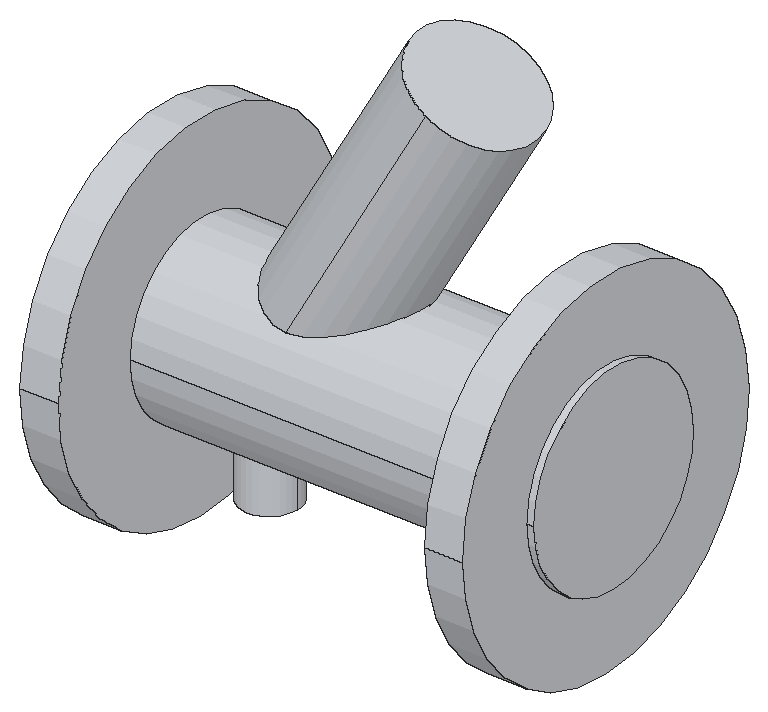
Revit family "HS 821-síto_standard-PN40-DN032-RFA_2018", category Pipe Accessories, Revit 2018
Family settings
  Round Connector Dimension = Use Diameter
  Part Type = Breaks Into
  Work Plane-Based = No
  Always vertical = Yes
  Cut with Voids When Loaded = No
  Shared = No
Parameters (values of type "821F-DN032-PN40-síto_standard")
  magiProductId = "165e7f39cf744f329bdf1c400dad12"
  magiProductFamilyId = "79214ac3aaa945e397802f559f5c1e"
  magiPartTypeId = 307
  isMeasuringValve [instance] = no
  ang2D [instance] = 0.00°
  ZB__ve = -ZB  # -23 mm
  ZB1 = 31.59 mm
  ZB = 23 mm
  X2 = 68.849 mm
  X1 = 25.2 mm
  W2D = 15 mm
  VersionID = "2.0/2017.9.26.1/ZETKAMA_821_001"
  Use Minimum Symbol Size [instance] = yes
  URL = "www.hydronic.cz"
  Type Comments = "Filtr přírubový; síto standardní; A-PN16 (-10~300°C); D-PN25 (-10~350°C); F-PN40 (-10~400°C)"
  S = 78 mm
  QmdConnectorList = "301;D;302;D"
  Productdata [instance] = ""
  Manufacturer = "Hydronic Systems Prague s.r.o."
  MC Product Code = "240 632 (821F; DN032; PN40; kvs23,7; oko síta 1,00mm)"
  LM1 = 14.4 mm
  LM = 144 mm
  L4 = 45 mm
  L2D_Min = 3048 mm
  L2D = 130 mm
  L2 = 90 mm
  HH2 = 119.25 mm
  FD = 140 mm
  Description = "Filtr přírubový; síto standardní; 821A-PN16; 821D-PN25; 821F-PN40"
  DM1 = 50.4 mm
  DM = 70.2 mm
  D = 32 mm
  CC = 3.06 mm
  CAT0 = yes
  C1 = 14.94 mm
  C = 18 mm
  BD = 22.113 mm
Types (40, lengths in mm): name | magiProductId | ZB__ve | ZB1 | ZB | X2 | X1 | S | MC Product Code | LM1 | LM | L4 | L2 | HH2 | FD | DM1 | DM | D | CC | C1 | C | BD
  821A-DN015-PN16-síto_standard | "a71bcfe8b393460598b23e8ddf7dc5" | -16.25 | 18.63 | 16.25 | 46.982 | 18.2 | 46 | "200 115 (821A; DN015; PN16; kvs6,3; oko síta 1,00mm)" | 10.4 | 104 | 32.5 | 65 | 81.375 | 95 | 27.6 | 41.4 | 15 | 2.21 | 10.79 | 13 | 13.041
  821A-DN020-PN16-síto_standard | "41cd6c7a12924f4991217528336076" | -17.75 | 22.68 | 17.75 | 51.673 | 21 | 56 | "200 120 (821A; DN020; PN16; kvs11,2; oko síta 1,00mm)" | 12 | 120 | 37.5 | 75 | 89.5 | 105 | 33.6 | 50.4 | 20 | 2.55 | 12.45 | 15 | 15.876
  821A-DN025-PN16-síto_standard | "be378b463ed14c3abf4c9b3ae8cf3a" | -19.25 | 26.325 | 19.25 | 58.601 | 22.4 | 65 | "200 125 (821A; DN025; PN16; kvs14,7; oko síta 1,00mm)" | 12.8 | 128 | 40 | 80 | 101.5 | 115 | 43.2 | 58.5 | 25 | 2.72 | 13.28 | 16 | 18.427
  821A-DN032-PN16-síto_standard | "227a0d18b21540afabe8b6067d35fa" | -23 | 30.78 | 23 | 68.849 | 25.2 | 76 | "200 132 (821A; DN032; PN16; kvs23,7; oko síta 1,00mm)" | 14.4 | 144 | 45 | 90 | 119.25 | 140 | 50.4 | 68.4 | 32 | 3.06 | 14.94 | 18 | 21.546
  821A-DN040-PN16-síto_standard | "d106917c74724141a10440112d0102" | -24.5 | 34.02 | 24.5 | 75.777 | 28 | 84 | "200 140 (821A; DN040; PN16; kvs37,7; oko síta 1,00mm)" | 16 | 160 | 50 | 100 | 131.25 | 150 | 60 | 75.6 | 40 | 3.4 | 16.6 | 20 | 23.814
  821A-DN050-PN16-síto_standard | "8255d456a09e4f6486734f5dd9171b" | -26.75 | 40.095 | 26.75 | 79.061 | 32.2 | 99 | "200 150 (821A; DN050 PN16; kvs57,9; oko síta 1,00mm)" | 18.4 | 184 | 57.5 | 115 | 136.938 | 165 | 73.8 | 89.1 | 50 | 3.91 | 19.09 | 23 | 28.066
  821A-DN065-PN16-síto_standard | "235b1b3e4c0843779a4d5e3716d40a" | -29.75 | 47.79 | 29.75 | 86.927 | 40.6 | 118 | "200 165 (821A; DN065; PN16; kvs101,5; oko síta 1,25mm)" | 23.2 | 232 | 72.5 | 145 | 150.562 | 185 | 94.2 | 106.2 | 65 | 4.93 | 24.07 | 29 | 33.453
  821A-DN080-PN16-síto_standard | "a067f7c5236348ed8c820d16df7214" | -32 | 53.46 | 32 | 104.753 | 43.4 | 132 | "200 180 (821A; DN080; PN16; kvs147,4; oko síta 1,25mm)" | 24.8 | 248 | 77.5 | 155 | 181.438 | 200 | 107.4 | 118.8 | 80 | 5.27 | 25.73 | 31 | 37.422
  821A-DN100-PN16-síto_standard | "c49a648c2747461285837d643703cd" | -35 | 63.18 | 35 | 114.857 | 49 | 156 | "200 190 (821A; DN100; PN16; kvs209,6; oko síta 1,60mm)" | 28 | 280 | 87.5 | 175 | 198.937 | 220 | 131.4 | 140.4 | 100 | 5.95 | 29.05 | 35 | 44.226
  821A-DN125-PN16-síto_standard | "bf68e728a163493cbd2a663b26ebdc" | -39.5 | 74.52 | 39.5 | 131.888 | 56 | 184 | "200 191 (821A; DN125; PN16; kvs326,2; oko síta 1,60mm)" | 32 | 320 | 100 | 200 | 228.438 | 250 | 165 | 165.6 | 125 | 6.8 | 33.2 | 40 | 52.164
  821A-DN150-PN16-síto_standard | "2de770284b654863ae6bc865769dc5" | -44.75 | 85.455 | 44.75 | 155.885 | 67.2 | 211 | "200 192 (821A; DN150; PN16; kvs403; oko síta 1,60mm)" | 38.4 | 384 | 120 | 240 | 270 | 285 | 192 | 189.9 | 150 | 8.16 | 39.84 | 48 | 59.818
  821A-DN200-PN16-síto_standard | "8e5693371ab64aabb29a7f08c76e15" | -53 | 107.73 | 53 | 188.361 | 84 | 266 | "200 193 (821A; DN200; PN16; kvs707; oko síta 1,60mm)" | 48 | 480 | 150 | 300 | 326.25 | 340 | 252 | 239.4 | 200 | 10.2 | 49.8 | 60 | 75.411
  821A-DN250-PN16-síto_standard | "05e37ed948c34047acdd4c42556504" | -62.75 | 129.195 | 62.75 | 255.911 | 102.2 | 319 | "200 194 (821A; DN250; PN16; kvs1234; oko síta 1,60mm)" | 58.4 | 584 | 182.5 | 365 | 443.25 | 405 | 309.6 | 287.1 | 250 | 12.41 | 60.59 | 73 | 90.436
  821A-DN300-PN16-síto_standard | "9ad0af747269428da925480d83ce80" | -71 | 149.85 | 71 | 325.914 | 119 | 370 | "200 195 (821A; DN300; PN16; kvs1916; oko síta 1,60mm)" | 68 | 680 | 212.5 | 425 | 564.5 | 460 | 369.6 | 333 | 300 | 14.45 | 70.55 | 85 | 104.895
  821A-DN350-PN16-síto_standard | "eebc71459bb3451bb4355e7951370a" | -80 | 173.745 | 80 | 356.875 | 137.2 | 429 | "200 196 (821A; DN350; PN16; kvs2621; oko síta 1,60mm)" | 78.4 | 784 | 245 | 490 | 618.125 | 520 | 438 | 386.1 | 350 | 16.66 | 81.34 | 98 | 121.621
  821A-DN400-PN16-síto_standard | "d2f677cb196647e385b2590e7d8abe" | -89 | 194.4 | 89 | 392.237 | 154 | 480 | "200 197 (821A; DN400; PN16; kvs3460; oko síta 1,60mm)" | 88 | 880 | 275 | 550 | 679.375 | 580 | 498 | 432 | 400 | 18.7 | 91.3 | 110 | 136.08
  821D-DN015-PN25-síto_standard | "27ddcbf555414f8ca1fde329bf9087" | -16.25 | 18.63 | 16.25 | 46.982 | 18.2 | 46 | "200 215 (821D; DN015; PN25; kvs6,3; oko síta 1,00mm)" | 10.4 | 104 | 32.5 | 65 | 81.375 | 95 | 27.6 | 41.4 | 15 | 2.21 | 10.79 | 13 | 13.041
  821D-DN020-PN25-síto_standard | "270e0f14012f47189cd0235c18faee" | -17.75 | 22.68 | 17.75 | 51.673 | 21 | 56 | "200 220 (821D; DN020; PN25; kvs11,2; oko síta 1,00mm)" | 12 | 120 | 37.5 | 75 | 89.5 | 105 | 33.6 | 50.4 | 20 | 2.55 | 12.45 | 15 | 15.876
  821D-DN025-PN25-síto_standard | "b9a7fb4aa36643878c637d8e1ab992" | -19.25 | 26.325 | 19.25 | 58.601 | 22.4 | 65 | "200 225 (821D; DN025; PN25; kvs14,7; oko síta 1,00mm)" | 12.8 | 128 | 40 | 80 | 101.5 | 115 | 43.2 | 58.5 | 25 | 2.72 | 13.28 | 16 | 18.427
  821D-DN032-PN25-síto_standard | "6be9a55c4e68400f94eec7e804204c" | -23 | 30.78 | 23 | 68.849 | 25.2 | 76 | "200 232 (821D; DN032; PN25; kvs23,7; oko síta 1,00mm)" | 14.4 | 144 | 45 | 90 | 119.25 | 140 | 50.4 | 68.4 | 32 | 3.06 | 14.94 | 18 | 21.546
  821D-DN040-PN25-síto_standard | "c54511bd7f584ec2984291479612cb" | -24.5 | 34.02 | 24.5 | 75.777 | 28 | 84 | "200 240 (821D; DN040; PN25; kvs37,7; oko síta 1,00mm)" | 16 | 160 | 50 | 100 | 131.25 | 150 | 60 | 75.6 | 40 | 3.4 | 16.6 | 20 | 23.814
  821D-DN050-PN25-síto_standard | "5483b1f596b04cd39b23a14a22c90e" | -26.75 | 40.095 | 26.75 | 79.061 | 32.2 | 99 | "200 250 (821D; DN050; PN25; kvs57,9; oko síta 1,00mm)" | 18.4 | 184 | 57.5 | 115 | 136.938 | 165 | 73.8 | 89.1 | 50 | 3.91 | 19.09 | 23 | 28.066
  821D-DN065-PN25-síto_standard | "767b0f8318e94750bc7a9930ed5b30" | -29.75 | 47.79 | 29.75 | 86.927 | 40.6 | 118 | "200 265 (821D; DN065; PN25; kvs101,5; oko síta 1,25mm)" | 23.2 | 232 | 72.5 | 145 | 150.562 | 185 | 94.2 | 106.2 | 65 | 4.93 | 24.07 | 29 | 33.453
  821D-DN080-PN25-síto_standard | "e21040fa3cc2404b858198f6b73709" | -32 | 53.46 | 32 | 104.753 | 43.4 | 132 | "200 280 (821D; DN080; PN25; kvs147,4; oko síta 1,25mm)" | 24.8 | 248 | 77.5 | 155 | 181.438 | 200 | 107.4 | 118.8 | 80 | 5.27 | 25.73 | 31 | 37.422
  821D-DN100-PN25-síto_standard | "175ca87a506b40b3bc6b82f12f33cf" | -37.25 | 63.18 | 37.25 | 114.857 | 49 | 156 | "200 290 (821D; DN100; PN25; kvs209,6; oko síta 1,60mm)" | 28 | 280 | 87.5 | 175 | 198.937 | 235 | 131.4 | 140.4 | 100 | 5.95 | 29.05 | 35 | 44.226
  821D-DN125-PN25-síto_standard | "77cc98d60da24855999a22dff726b2" | -42.5 | 74.52 | 42.5 | 131.888 | 56 | 184 | "200 291 (821D; DN125; PN25; kvs326,2; oko síta 1,60mm)" | 32 | 320 | 100 | 200 | 228.438 | 270 | 165 | 165.6 | 125 | 6.8 | 33.2 | 40 | 52.164
  821D-DN150-PN25-síto_standard | "9cf8acfcd15547d68e83172d3abcbe" | -47 | 85.455 | 47 | 155.885 | 67.2 | 211 | "200 292 (821D; DN150; PN25; kvs403; oko síta 1,60mm)" | 38.4 | 384 | 120 | 240 | 270 | 300 | 192 | 189.9 | 150 | 8.16 | 39.84 | 48 | 59.818
  821D-DN200-PN25-síto_standard | "16973f3c9ea14389ba8602495a6b64" | -56 | 110.97 | 56 | 188.361 | 84 | 274 | "200 293 (821D; DN200; PN25; kvs707; oko síta 1,60mm)" | 48 | 480 | 150 | 300 | 326.25 | 360 | 252 | 246.6 | 200 | 10.2 | 49.8 | 60 | 77.679
  821F-DN015-PN40-síto_standard | "4c7eaf3c4c0340888b3e684d8a8616" | -16.25 | 18.225 | 16.25 | 46.982 | 18.2 | 45 | "240 615 (821F; DN015; PN40; kvs6,3; oko síta 1,00mm)" | 10.4 | 104 | 32.5 | 65 | 81.375 | 95 | 27.6 | 40.5 | 15 | 2.21 | 10.79 | 13 | 12.757
  821F-DN020-PN40-síto_standard | "aaac5f1ec96b44d6ba96ac2293d66d" | -17.75 | 23.49 | 17.75 | 51.673 | 21 | 58 | "240 620 (821F; DN020; PN40; kvs11,2; oko síta 1,00mm)" | 12 | 120 | 37.5 | 75 | 89.5 | 105 | 33.6 | 52.2 | 20 | 2.55 | 12.45 | 15 | 16.443
  821F-DN025-PN40-síto_standard | "504768023968471481789485b54c7e" | -19.25 | 27.54 | 19.25 | 58.601 | 22.4 | 68 | "240 625 (821F; DN025; PN40; kvs14,7; oko síta 1,00mm)" | 12.8 | 128 | 40 | 80 | 101.5 | 115 | 43.2 | 61.2 | 25 | 2.72 | 13.28 | 16 | 19.278
  821F-DN032-PN40-síto_standard | "165e7f39cf744f329bdf1c400dad12" | -23 | 31.59 | 23 | 68.849 | 25.2 | 78 | "240 632 (821F; DN032; PN40; kvs23,7; oko síta 1,00mm)" | 14.4 | 144 | 45 | 90 | 119.25 | 140 | 50.4 | 70.2 | 32 | 3.06 | 14.94 | 18 | 22.113
  821F-DN040-PN40-síto_standard | "b8903f952089408fbf3a5a632bab1f" | -24.5 | 35.64 | 24.5 | 75.777 | 28 | 88 | "240 640 (821F; DN040; PN40; kvs37,7; oko síta 1,00mm)" | 16 | 160 | 50 | 100 | 131.25 | 150 | 60 | 79.2 | 40 | 3.4 | 16.6 | 20 | 24.948
  821F-DN050-PN40-síto_standard | "c451f97266fe48da8f879cb6a2bd44" | -26.75 | 41.31 | 26.75 | 79.061 | 32.2 | 102 | "240 650 (821F; DN050; PN40; kvs57,9; oko síta 1,00mm)" | 18.4 | 184 | 57.5 | 115 | 136.938 | 165 | 73.8 | 91.8 | 50 | 3.91 | 19.09 | 23 | 28.917
  821F-DN065-PN40-síto_standard | "dc9821e3f9b34e128f6a8c6b34c198" | -29.75 | 49.41 | 29.75 | 86.927 | 40.6 | 122 | "240 665 (821F; DN065; PN40; kvs101,5; oko síta 1,25mm)" | 23.2 | 232 | 72.5 | 145 | 150.562 | 185 | 94.2 | 109.8 | 65 | 4.93 | 24.07 | 29 | 34.587
  821F-DN080-PN40-síto_standard | "689aa1e260f84cf4994f027a1d86b5" | -32 | 55.89 | 32 | 104.753 | 43.4 | 138 | "240 680 (821F; DN080; PN40; kvs147,4; oko síta 1,25mm)" | 24.8 | 248 | 77.5 | 155 | 181.438 | 200 | 107.4 | 124.2 | 80 | 5.27 | 25.73 | 31 | 39.123
  821F-DN100-PN40-síto_standard | "8a45d4e8e2ab425f8c432f21d684f3" | -37.25 | 65.61 | 37.25 | 114.857 | 49 | 162 | "240 690 (821F; DN100; PN40; kvs209,6; oko síta 1,6mm)" | 28 | 280 | 87.5 | 175 | 198.937 | 235 | 131.4 | 145.8 | 100 | 5.95 | 29.05 | 35 | 45.927
  821F-DN125-PN40-síto_standard | "cf073904c006406b8645afa67ea2fc" | -42.5 | 76.14 | 42.5 | 131.888 | 56 | 188 | "240 691 (821F; DN125; PN40; kvs326,2; oko síta 1,6mm)" | 32 | 320 | 100 | 200 | 228.438 | 270 | 165 | 169.2 | 125 | 6.8 | 33.2 | 40 | 53.298
  821F-DN150-PN40-síto_standard | "0153b9ddabe14992a630484929fdbc" | -47 | 88.29 | 47 | 155.885 | 67.2 | 218 | "240 692 (821F; DN150; PN40; kvs403; oko síta 1,6mm)" | 38.4 | 384 | 120 | 240 | 270 | 300 | 192 | 196.2 | 150 | 8.16 | 39.84 | 48 | 61.803
  821F-DN200-PN40-síto_standard | "7fb3fc01dd8d42428c203e3f8dd4d5" | -56 | 115.425 | 56 | 188.361 | 84 | 285 | "240 693 (821F; DN200; PN40; kvs707; oko síta 1,6mm)" | 48 | 480 | 150 | 300 | 326.25 | 360 | 252 | 256.5 | 200 | 10.2 | 49.8 | 60 | 80.797
Reference planes
  plane 1 "Center (Front/Back)": y = 0
  plane 2 "XYPLANE": z = 0
  plane 3 "Center (Left/Right)": x = 0
  plane 4 "109": x = -57.6
  plane 5 "108": x = 72
  plane 6 "107": x = -72
  plane 7 "105": x = 90
  plane 8 "104": x = -90
  plane 9 "103": y = 0
  plane 10 "102": z = 0
  plane 11 "101": x = -86.94
  plane 12 "100": x = 86.94
  plane 13 "11": x = -32.4
  plane 14 "10": z = 119.25
  plane 15 "9": x = 36.449
  plane 16 "5": z = -31.59
  plane 17 "4": x = -45
  plane 18 "1": x = 45
Forms (mm)
  Extrusion 1, solid, visible <- "CAT0"
    sketch origin (-72, -750, 0) x (0, 1, 0) y (0, 0, 1)
      loop
        circle (750, 0) r 35.1
    from 0 to 144 <- "LM"
  Extrusion 2, solid
    sketch origin (-90, -750, 0) x (0, 1, 0) y (0, 0, 1)
      loop
        circle (750, 0) r 39
    from 0 to 3.06 <- "CC"
  Extrusion 3, solid
    sketch origin (-86.94, -750, 0) x (0, 1, 0) y (0, 0, 1)
      loop
        circle (750, 0) r 70
    from 0 to 14.94 <- "C1"
  Extrusion 4, solid
    sketch origin (72, -750, 0) x (0, 1, 0) y (0, 0, 1)
      loop
        circle (750, 0) r 70
    from 0 to 14.94 <- "C1"
  Extrusion 5, solid
    sketch origin (86.94, -750, 0) x (0, 1, 0) y (0, 0, 1)
      loop
        circle (750, 0) r 39
    from 0 to 3.06 <- "CC"
  Sweep 6, solid, visible <- "CAT0"
    path origin (750, 0, 0) x (-1, 0, 0) y (0, 0, 1)
      loop
        line (822, 0) -> (782.4, 0) -> (713.551, 119.25)
    profile origin (-72, 0, 0) x (0, 0, -1) y (0, 1, 0)
      loop
        circle (0, 0) r 25.2
  Extrusion 7, solid, visible <- "CAT0"
    sketch origin (-750, 0, -31.59) x (1, 0, 0) y (0, 1, 0)
      loop
        circle (705, 0) r 11.056
    from 0 to -23 <- "ZB__ve"
  Extrusion 8, solid, visible <- "CAT0"
    sketch origin (-750, 0, -31.59) x (1, 0, 0) y (0, 1, 0)
      loop
        circle (795, 0) r 11.056
    from 0 to -23 <- "ZB__ve"
  Extrusion 9, solid, not visible
    sketch origin (90, -750, 0) x (0, 1, 0) y (0, 0, 1)
      loop
        circle (750, 0) r 10
    from 0 to -10
  Extrusion 10, solid, not visible
    sketch origin (-90, -750, 0) x (0, 1, 0) y (0, 0, 1)
      loop
        circle (750, 0) r 10
    from 0 to 10
Lines and regions (mm)
  reference lines, not visible
    curve 1: circle (2, 2, 0) r 1 normal (0, 0, 1)
Dimensions and locks
  plane 1 "Center (Front/Back)" to curve 1 = 2 mm
  "LM1": plane 6 "107" to plane 4 "109"
  "LM": plane 6 "107" to plane 5 "108"
  "C": plane 8 "104" to plane 6 "107"
  "L2": plane 3 "Center (Left/Right)" to plane 7 "105"
  "L2": plane 3 "Center (Left/Right)" to plane 8 "104"
  locked: plane 1 "Center (Front/Back)" to plane 9 "103"
  locked: plane 2 "XYPLANE" to plane 10 "102"
  "CC": plane 8 "104" to plane 11 "101"
  "C1": plane 5 "108" to plane 12 "100"
  "X1": plane 4 "109" to plane 13 "11"
  "HH2": plane 2 "XYPLANE" to plane 14 "10"
  "X2": plane 13 "11" to plane 15 "9"
  "ZB1": plane 2 "XYPLANE" to plane 16 "5"
  "L4": plane 8 "104" to plane 17 "4"
  "L2": plane 17 "4" to plane 18 "1"
  Sweep 6 sketch curve to Sweep 6 sketch curve = 0 mm  (x2)
  "DM": diameter of Extrusion 1 sketch curve
  "S": diameter of Extrusion 2 sketch curve
  "FD": diameter of Extrusion 3 sketch curve
  "FD": diameter of Extrusion 4 sketch curve
  "S": diameter of Extrusion 5 sketch curve
  "DM1": diameter of Sweep 6 sketch curve
  "BD": diameter of Extrusion 7 sketch curve
  "BD": diameter of Extrusion 8 sketch curve
  aligned and locked: level to plane 2 "XYPLANE"
  aligned and locked: Extrusion 1 sketch curve to plane 9 "103"
  aligned and locked: plane 10 "102" to Extrusion 1 sketch curve
  aligned and locked: Extrusion 2 sketch curve to plane 9 "103"
  aligned and locked: plane 10 "102" to Extrusion 2 sketch curve
  aligned and locked: Extrusion 3 sketch curve to plane 9 "103"
  aligned and locked: plane 10 "102" to Extrusion 3 sketch curve
  aligned and locked: Extrusion 4 sketch curve to plane 9 "103"
  aligned and locked: plane 10 "102" to Extrusion 4 sketch curve
  aligned and locked: Extrusion 5 sketch curve to plane 9 "103"
  aligned and locked: plane 10 "102" to Extrusion 5 sketch curve
  aligned and locked: Sweep 6 sketch curve to plane 9 "103"
  aligned and locked: plane 10 "102" to Sweep 6 sketch curve  (x3)
  aligned and locked: plane 6 "107" to Sweep 6 sketch curve
  aligned and locked: plane 13 "11" to Sweep 6 sketch curve
  aligned and locked: plane 14 "10" to Sweep 6 sketch curve
  aligned and locked: plane 15 "9" to Sweep 6 sketch curve
  aligned and locked: plane 9 "103" to Extrusion 7 sketch curve
  aligned and locked: plane 17 "4" to Extrusion 7 sketch curve
  aligned and locked: plane 9 "103" to Extrusion 8 sketch curve
  aligned and locked: plane 18 "1" to Extrusion 8 sketch curve
  aligned and locked: Extrusion 9 sketch curve to plane 9 "103"
  aligned and locked: plane 10 "102" to Extrusion 9 sketch curve
  aligned and locked: Extrusion 10 sketch curve to plane 9 "103"
  aligned and locked: plane 10 "102" to Extrusion 10 sketch curve
Automatic sketch dimensions
  plane 1 "Center (Front/Back)" to Extrusion 9 sketch curve = 10 mm
  plane 1 "Center (Front/Back)" to Extrusion 10 sketch curve = 10 mm
  plane 3 "Center (Left/Right)" to curve 1 = 2 mm
  radius of curve 1 = 1 mm
Connectors
  piping at (-90, 0, 0), diameter 32, driven by "D"
    settings: on Extrusion 10, index 1, connector inside diameter 609.6 mm, connector length 0 mm, flow factor 0, pipe flow 0.0 L/s, pressure drop 0.0 Pa, fitting loss kfactor 0, connector angle 0.00°, fixture units 0, engagement length 0 mm, angle of deflection 0.00°, flow configuration 0, flow direction 0, fitting loss method 0, system type 29, joint type 0, gender type 0, connector reference index 2, connector utility 0, adjustable connector no, is connector primary yes, connector description ""
  piping at (90, 0, 0), diameter 32, driven by "D"
    settings: on Extrusion 9, index 2, connector inside diameter 609.6 mm, connector length 0 mm, flow factor 0, pipe flow 0.0 L/s, pressure drop 0.0 Pa, fitting loss kfactor 0, connector angle 0.00°, fixture units 0, engagement length 0 mm, angle of deflection 0.00°, flow configuration 0, flow direction 0, fitting loss method 0, system type 29, joint type 0, gender type 0, connector reference index 1, connector utility 0, adjustable connector no, is connector primary no, connector description ""
